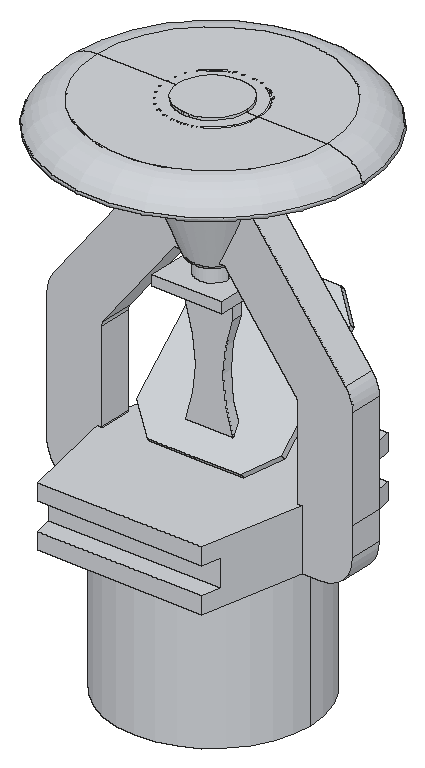
Revit family
Parameters (values of type "RASCO JL112 UPRIGHT")
  Temperature Rating = 165 °F
  Response = 1
  RASCO SIN # = "R7326"
  RASCO Part # = "JL112U1W"
  Pressure Rating = "175 PSI"
  Pressure Class = (empty or 0)
  Orifice Size = 3/4"
  Orifice = (empty or 0)
  Model = "JL112"
  Manufacturer = "RASCO"
  K-Factor = 11.2
  Description = "WHITE FINISH"
  Coverage = (empty or 0)
Reference planes (in)
  plane 1 "Center (Front/Back)": y = 0
  plane 2: z = 0
  plane 3 "Center (Left/Right)": x = 0
Nested families (in)
  nested 1: "JL112U1W" at (0, 0, 0), type "RASCO JL112 UPRIGHT"
Connectors (in)
  piping at (0, 0, 0)
    settings: on nested 1, index 1, connector radius 1/2", flow factor 0, pipe flow 0 GPM, pressure drop 0.00 psi, fitting loss kfactor 0, connector angle 0.00°, fixture units 0, flow configuration 0, flow direction 0, fitting loss method 0, system type 7, connector reference index -1, connector utility 0, adjustable connector no, is connector primary yes, fitting loss table "", connector description ""
Definition of nested family "JL112U1W"
  Parameters (values of type "RASCO JL112 UPRIGHT")
    Type Comments = ""
    Temperature Rating = 0 °F
    Response = (empty or 0)
    Pressure Rating = "0"
    Pressure Class = (empty or 0)
    Orifice Size = 0"
    Orifice = (empty or 0)
    Model = ""
    Manufacturer = ""
    K-Factor = 0
    Description = ""
    Coverage = (empty or 0)
    Assembly Code = ""
  Reference planes (in)
    plane 1 "Center (Front/Back)": y = 0
    plane 2: z = 0
    plane 3 "REF.1": z = 0.773
    plane 4 "top": z = 2.8125
    plane 5: x = -0.81624
    plane 6: x = 0.81332
    plane 7 "ref.2": z = 2.098
    plane 8 "head": z = 2.6725
    plane 9 "left/right center": x = 0
    plane 10 "screw": z = 1.98251
    plane 11 "link2": through (0, -0.02489, 1.21079) normal (0, 0.6767, -0.7363)
  Forms (in)
    Extrusion 1, solid
      sketch origin (0, 0, 0) x (1, 0, 0) y (0, 1, 0)
        loop
          circle (0, 0) r 0.5221
      from 0 to 0.773
    Extrusion 2, solid
      sketch origin (0, 0, 0.773) x (-1, 0, 0) y (0, -1, 0)
        loop
          line (-0.43619, -0.62052) -> (0.4375, -0.62052) -> (0.56391, 0) -> (0.4375, 0.62052) -> (-0.43619, 0.62052) -> (-0.56259, 0) -> (-0.43619, -0.62052)
      from 0 to 0.325
    Extrusion 3, void
      sketch origin (0, 0, 0) x (1, 0, 0) y (0, 0, 1)
        loop
          line (-0.56391, 1.00774) -> (-0.56391, 0.86298) -> (0.56259, 0.86298) -> (0.56259, 1.00774) -> (-0.56391, 1.00774)
      from 0.52148 to 0.62052
    Extrusion 4, solid
      sketch origin (0, 0, 0) x (1, 0, 0) y (0, 0, 1)
        loop
          line (-0.5221, 0.773) -> (-0.5221, 1.098) -> (-0.5221, 1.58091)
          arc (-0.5221, 1.58091) -> (-0.5194, 1.59708) -> (-0.51161, 1.61149) r 0.04979
          line (-0.51161, 1.61149) -> (-0.13316, 2.098) -> (-0.00066, 2.098) -> (0.13184, 2.098) -> (0.5115, 1.61158)
          arc (0.5115, 1.61158) -> (0.51938, 1.59706) -> (0.5221, 1.58077) r 0.05007
          line (0.5221, 1.58077) -> (0.5221, 1.098) -> (0.5221, 0.773) -> (0.64763, 0.773)
          arc (0.64763, 0.773) -> (0.76676, 0.82234) -> (0.8161, 0.94147) r 0.16847
          line (0.8161, 0.94147) -> (0.8161, 1.098) -> (0.8161, 1.63725)
          arc (0.8161, 1.63725) -> (0.80631, 1.69579) -> (0.77801, 1.74796) r 0.17993
          line (0.77801, 1.74796) -> (0.18552, 2.50706) -> (-0.18743, 2.50706) -> (-0.77818, 1.74764)
          arc (-0.77818, 1.74764) -> (-0.80636, 1.69554) -> (-0.8161, 1.63712) r 0.18
          line (-0.8161, 1.63712) -> (-0.8161, 1.098) -> (-0.8161, 0.94094)
          arc (-0.8161, 0.94094) -> (-0.76691, 0.82219) -> (-0.64816, 0.773) r 0.16794
          line (-0.64816, 0.773) -> (-0.5221, 0.773)
      from -0.08649 to 0.08732
    Extrusion 5, void
      sketch origin (0.00728, 1.142, 0) x (1, 0, 0) y (0, 0, 1)
        loop
          line (-0.56391, 1.00774) -> (-0.56391, 0.86298) -> (0.56259, 0.86298) -> (0.56259, 1.00774) -> (-0.56391, 1.00774)
      from 0.52148 to 0.62052
    Revolve 6, solid
      sketch origin (0, 0, 0) x (1, 0, 0) y (0, 0, 1)
        loop
          line (-0.00066, 2.8125) -> (-0.24139, 2.8125)
          arc (-0.24139, 2.8125) -> (-0.25522, 2.80677) -> (-0.26095, 2.79293) r 0.01957
          line (-0.26095, 2.79293) -> (-0.26095, 2.42899)
          arc (-0.26095, 2.42899) -> (-0.25939, 2.41285) -> (-0.25476, 2.3973) r 0.08419
          line (-0.25476, 2.3973) -> (-0.12582, 2.07995)
          arc (-0.12582, 2.07995) -> (-0.11591, 2.06775) -> (-0.10088, 2.06316) r 0.02692
          line (-0.10088, 2.06316) -> (-0.00066, 2.06316) -> (-0.00066, 2.8125)
        axis (-0.00066, 2.8125) -> (-0.00066, 2.06316)
      angle from 0 to 360
    Revolve 7, solid
      sketch origin (0, 0, 0) x (1, 0, 0) y (0, 0, 1)
        loop
          line (-0.00095, 2.8125) -> (-0.61569, 2.8125)
          arc (-0.61569, 2.8125) -> (-0.72648, 2.78068) -> (-0.8035, 2.69491) r 0.20878
          arc (-0.8035, 2.69491) -> (-0.8027, 2.68003) -> (-0.78967, 2.67281) r 0.01538
          line (-0.78967, 2.67281) -> (-0.00095, 2.67281) -> (-0.00095, 2.8125)
        axis (-0.00095, 2.8125) -> (-0.00095, 2.67281)
      angle from 0 to 360
    Extrusion 8, solid
      sketch origin (0, 0, 2.8125) x (-1, 0, 0) y (0, -1, 0)
        loop
          circle (0.00095, 0) r 0.18173
      from 0 to 0.01153
    Extrusion 9, solid
      sketch origin (0, 0, 0) x (1, 0, 0) y (0, 0, 1)
        loop
          line (-0.00066, 1.098) -> (0.12634, 1.098) -> (0.12634, 1.25094)
          arc (0.12634, 1.25094) -> (0.07205, 1.52876) -> (0.12634, 1.80659) r 0.738
          line (0.12634, 1.80659) -> (0.12634, 1.9285) -> (-0.12716, 1.9285) -> (-0.12716, 1.80659)
          arc (-0.12716, 1.80659) -> (-0.07288, 1.52876) -> (-0.12716, 1.25094) r 0.73821
          line (-0.12716, 1.25094) -> (-0.12716, 1.098) -> (-0.00066, 1.098)
      from -0.02698 to 0.02489
    Extrusion 10, solid
      sketch origin (0, 0, 0) x (0, 0, -1) y (0, -1, 0)
        loop
          line (-1.92851, 0.17394) -> (-1.98251, 0.17394) -> (-1.98251, -0.23992)
          arc (-1.98251, -0.23992) -> (-1.96437, -0.3088) -> (-1.91467, -0.35983) r 0.13989
          line (-1.91467, -0.35983) -> (-1.70246, -0.48734)
          arc (-1.70246, -0.48734) -> (-1.69224, -0.50115) -> (-1.69478, -0.51815) r 0.02246
          line (-1.69478, -0.51815) -> (-1.72641, -0.57081) -> (-1.68013, -0.59862) -> (-1.63469, -0.52299)
          arc (-1.63469, -0.52299) -> (-1.62907, -0.4854) -> (-1.65167, -0.45485) r 0.04966
          line (-1.65167, -0.45485) -> (-1.89842, -0.30659)
          arc (-1.89842, -0.30659) -> (-1.92047, -0.28396) -> (-1.92851, -0.25341) r 0.06204
          line (-1.92851, -0.25341) -> (-1.92851, 0.17394)
      from -0.18664 to 0.18723
    Extrusion 11, solid
      sketch origin (0, 0, 1.98251) x (-1, 0, 0) y (0, -1, 0)
        loop
          circle (0, 0) r 0.087
      from 0 to 0.0806
    Extrusion 12, solid
      sketch origin (0, -0.61464, 0.66881) x (0, -0.736298, -0.676658) y (-1, 0, 0)
        loop
          line (-0.69009, 0.00066) -> (-0.69009, 0.24966) -> (-0.83009, 0.38966) -> (-1.45483, 0.38966) -> (-1.59483, 0.24966) -> (-1.59483, -0.24834) -> (-1.45483, -0.38834) -> (-0.83009, -0.38834) -> (-0.69009, -0.24834) -> (-0.69009, 0.00066)
      from -0.02887 to 0
  Cuts and joins
    Extrusion 3, Extrusion 5 cuts Extrusion 2
  Dimensions and locks (in)
    plane 4 "top" to level = 0' - 2 13/16"
